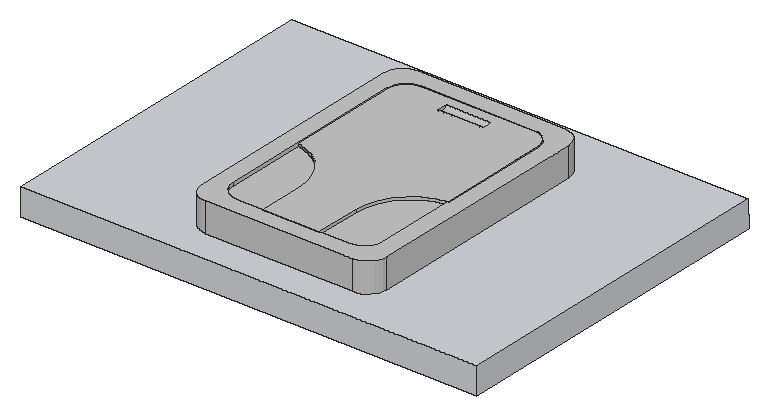
Revit family
Parameters (values of type "as Specified")
  rotationoffset [instance] = if(Closed, 0' 3 7/8", 0' 1 25/32")  # 0' - 3 7/8"
  Warranty Duration (Years) = 0
  Unit Width = 0' - 7 1/8"
  Unit Height = 0' - 7 31/32"
  Unit Depth = 0' - 2 5/8"
  URL = "http://www.americanspecialties.com/viewCategories.cfm"
  Open [instance] = not(Closed)  # no
  Mounting Height [instance] = 2' - 6 1/4"
  Fixture Material [instance] = Plastic - Light Grey
  Test Data = ""
  Specification = "http://www.arcat.com/sdspecs/htm/10810asi.htm"
  SpecWizard = ""
  Send Message = "http://www.arcat.com/users.pl?action=UserEmail&company=American%20Specialties,%20Inc.&coid=30448&rep=139&fax=914-476-0688&mf="
  Sales Information = "http://www.americanspecialties.com/contact"
  Revision = "R1_2014-10"
  Product Properties = "http://www.americanspecialties.com/datasheets/9015.pdf"
  Product Data = "http://www.arcat.com/arcatcos/cos30/arc30448.html"
  Model = "9015"
  Manufacturer Website = "http://www.americanspecialties.com/viewCategories.cfm"
  Manufacturer Phone - Toll Free = ""
  Manufacturer Phone = "914-476-9000 "
  Manufacturer Fax = "914-476-0688"
  Manufacturer Address = "441 Saw Mill River Rd., Yonkers, NY 10701"
  Manufacturer = "American Specialties, Inc."
  Maintenance Schedule (Months) = 0
  Keynote = "10 28 13"
  Installation-Fabrication = "http://www.americanspecialties.com/products.cfm"
  Green Building-LEED = ""
  Expected Lifespan (Years) = 0
  Drawn By = "Sumex Design, Inc. / Robert S. Weygant. CSI, CDT, SCIP"
  Door Angle [instance] = if(Closed, 0.00°, 89.00°)  # 0.00°
  Description = "ASI Vertical Baby Changing Station - Surface Mounted 9015"
  Default Elevation = 0' - 0"
  Copyright = "©Arcat Inc."
  Construction Details = "http://www.arcat.com/green/clients/leed_data_30448.html"
  Closed [instance] = yes
  Capacity = "300 lbs  ;  X Wipes/Liners/Towels"
  Building Codes = "http://www.americanspecialties.com/products.cfm"
  Assembly Code = "C1030210"
  Accent Finish [instance] = Plastic - Black
Reference planes (in)
  plane 1 "Top": y = 2.59221
  plane 2 "Floor Line": z = 0
  plane 3 "Center (Left/Right)": x = 6.02907
  plane 4: x = -6.22093
  plane 5: x = 18.27907
  plane 6 "FF": y = -56.93904
  plane 7: y = -32.56404
  plane 8: z = 3.875
  plane 9: z = 22
  plane 10 "ADA CL": y = -26.68904
  plane 11: y = -30.31404
  plane 12: z = 3.875
Forms (in)
  Extrusion 1, solid
    sketch origin (-2.65843, -11.79112, -6) x (0, 0, -1) y (1, 0, 0)
      loop
        line (-2.42514, 38.27922) -> (-6, 38.27922) -> (-6, -22.3125) -> (-2.42514, -22.3125) -> (-2.42514, 38.27922)
    from 25.02292 to -20.08171
  Extrusion 2, solid, material "Plastic - Light Grey" <- "Fixture Material"
    sketch origin (0, 0, 0) x (1, 0, 0) y (0, 1, 0)
      loop
        arc (-3.72093, 2.59221) -> (-5.4887, 1.85998) -> (-6.22093, 0.09221) r 2.5
        line (-6.22093, 0.09221) -> (-6.22093, -30.06404)
        arc (-6.22093, -30.06404) -> (-5.4887, -31.8318) -> (-3.72093, -32.56404) r 2.5
        line (-3.72093, -32.56404) -> (15.77907, -32.56404)
        arc (15.77907, -32.56404) -> (17.54683, -31.8318) -> (18.27907, -30.06404) r 2.5
        line (18.27907, -30.06404) -> (18.27907, 0.09221)
        arc (18.27907, 0.09221) -> (17.54683, 1.85998) -> (15.77907, 2.59221) r 2.5
        line (15.77907, 2.59221) -> (-3.72093, 2.59221)
      loop
        arc (-3.97093, -27.81404) -> (-3.2387, -29.5818) -> (-1.47093, -30.31404) r 2.5
        line (-1.47093, -30.31404) -> (13.52907, -30.31404)
        arc (13.52907, -30.31404) -> (15.29683, -29.5818) -> (16.02907, -27.81404) r 2.5
        line (16.02907, -27.81404) -> (16.02907, -2.15779)
        arc (16.02907, -2.15779) -> (15.29683, -0.39002) -> (13.52907, 0.34221) r 2.5
        line (13.52907, 0.34221) -> (-1.47093, 0.34221)
        arc (-1.47093, 0.34221) -> (-3.2387, -0.39002) -> (-3.97093, -2.15779) r 2.5
        line (-3.97093, -2.15779) -> (-3.97093, -27.81404)
    from 0 to 3.875
  Extrusion 3, solid, material "Plastic - Light Grey" <- "Fixture Material"
    sketch origin (8.27907, -30.31404, 3.875) x (-1, 0, 0) y (0, -1, 0)
      loop
        arc (12.25, -2.5) -> (11.51777, -0.73223) -> (9.75, 0) r 2.5
        line (9.75, 0) -> (-5.25, 0)
        arc (-5.25, 0) -> (-7.01777, -0.73223) -> (-7.75, -2.5) r 2.5
        line (-7.75, -2.5) -> (-7.75, -28.15625)
        arc (-7.75, -28.15625) -> (-7.01777, -29.92402) -> (-5.25, -30.65625) r 2.5
        line (-5.25, -30.65625) -> (9.75, -30.65625)
        arc (9.75, -30.65625) -> (11.51777, -29.92402) -> (12.25, -28.15625) r 2.5
        line (12.25, -28.15625) -> (12.25, -2.5)
    from 0 to -3.25
  Blend 4, void
    base sketch origin (8.27907, -30.31404, 0.625) x (-1, 0, 0) y (0, -1, 0)
      loop
        line (11.25, -26.15625) -> (11.25, -3) -> (-6.75, -3) -> (-6.75, -26.15625)
        arc (-6.75, -26.15625) -> (-6.01777, -27.92402) -> (-4.25, -28.65625) r 2.5
        line (-4.25, -28.65625) -> (8.75, -28.65625)
        arc (8.75, -28.65625) -> (10.51777, -27.92402) -> (11.25, -26.15625) r 2.5
    top sketch origin (8.27907, -30.31404, 0.625) x (-1, 0, 0) y (0, -1, 0)
      loop
        line (8.25, -25.65625) -> (8.25, -4) -> (-3.75, -4) -> (-3.75, -25.65625) -> (8.25, -25.65625)
    from 0 to 1.5
  Extrusion 5, solid, material "Plastic - Light Grey" <- "Fixture Material"
    sketch origin (6.02907, 0, 0) x (0, 1, 0) y (0, 0, 1)
      loop
        arc (-26.27186, 0.54448) -> (-26.66735, 2.01741) -> (-28.05614, 1.38718) r 1
        line (-28.05614, 1.38718) -> (-30.58851, 1.38718) -> (-30.58851, 0) -> (0.81774, 0) -> (0.81774, 0.54448) -> (-26.27186, 0.54448)
    from -11.32813 to 11.32812
  Extrusion 6, void
    sketch origin (6.02907, -30.31404, 3.875) x (0, -1, 0) y (1, 0, 0)
      loop
        line (0, 10) -> (-13.43303, 10)
        arc (-13.43303, 10) -> (-10.9371, 5.35421) -> (-6, 3.5) r 7.5
        line (-6, 3.5) -> (0, 3.5) -> (0, 10)
    from 0 to -0.375
  Extrusion 7, void
    sketch origin (6.02907, -30.31404, 3.875) x (0, -1, 0) y (1, 0, 0)
      loop
        line (0, -10) -> (0, -4) -> (-6, -4)
        arc (-6, -4) -> (-10.74342, -5.69052) -> (-13.34847, -10) r 7.5
        line (-13.34847, -10) -> (0, -10)
    from 0 to -0.375
  Extrusion 8, solid, material "Plastic - Light Grey" <- "Fixture Material"
    sketch origin (6.02907, 0, 0) x (0, 1, 0) y (0, 0, 1)
      loop
        line (-30.58851, 0) -> (-17.33851, 0) -> (-17.33851, 2.125) -> (-20.90101, 2.125) -> (-21.24476, 1.78125) -> (-21.58851, 2.125) -> (-30.58851, 2.125) -> (-30.58851, 0)
    from -5 to 5
  Extrusion 9, void
    sketch origin (6.02907, -31.50154, 3.875) x (0, -1, 0) y (0, 0, 1)
      loop
        arc (-30.4375, 0) -> (-29.75, -0.32544) -> (-29.0625, 0) r 0.88891
        line (-29.0625, 0) -> (-30.4375, 0)
    from -3 to 3
Cuts and joins
  Blend 4, Extrusion 6, Extrusion 7, Extrusion 9 cuts Extrusion 3
  Extrusion 6 cuts Extrusion 5
  Extrusion 9 cuts Extrusion 2
Lines and regions (in)
  reference lines
    curve 1: line (6.02907, -30.31404, 3.875) -> (6.02907, -23.06404, 3.875)
    curve 2: line (8.27907, -30.31404, 3.875) -> (3.27907, -30.31404, 3.875)
Dimensions and locks (in)
  equal spacing: plane 4, plane 3 "Center (Left/Right)", plane 5
  plane 4 to plane 5 = 2' - 0 1/2"
  locked: plane 8 to level at 3.875
  locked: plane 1 "Top" to plane 7 at 35.15625
  "Mounting Height": plane 10 "ADA CL" to plane 6 "FF"
  locked: plane 10 "ADA CL" to plane 7 at 5.875
  locked: Extrusion 2 sketch curve to plane 7 at 2.25
  Extrusion 2 sketch curve to plane 1 "Top" = 0' - 2 1/4"
  locked: plane 9 to plane 8 at 18.125
  locked: plane 7 to plane 11 at 2.25
  "rotationoffset": plane 12 to level
  Extrusion 5 sketch curve to Extrusion 5 sketch curve to Extrusion 5 sketch curve to level = 0' - 0.27399" locked, 0' - 0.5687" locked, 0' - 0.54448" locked
  locked: plane 7 to Extrusion 5 sketch curve at 5.46963
  locked: plane 4 to Extrusion 2 sketch curve at 2.25
  locked: Extrusion 2 sketch curve to plane 5 at 2.25
  locked: Extrusion 8 sketch curve to level at 2.125
  "Door Angle": angle plane 8 to curve 1
  aligned and locked: Extrusion 2 sketch curve to plane 1 "Top"
  aligned and locked: plane 4 to Extrusion 2 sketch curve
  aligned and locked: Extrusion 2 sketch curve to plane 7
  aligned and locked: Extrusion 2 sketch curve to plane 5
  aligned and locked: Extrusion 2 to plane 8
  aligned: plane 12 to curve 2
  aligned and locked: plane 12 to curve 2
  aligned and locked: plane 11 to curve 2
  aligned and locked: plane 12 to curve 1
Automatic sketch dimensions
  Extrusion 1 sketch curve to Extrusion 1 sketch curve = 0' - 3.57486"
  Extrusion 1 sketch curve to Extrusion 1 sketch curve = 5' - 0.59172"
  curve 1 to plane 11 = 0' - 0"
  Extrusion 2 sketch curve to plane 10 "ADA CL" = 0' - 3 3/8"
  plane 4 to Extrusion 2 sketch curve = 0' - 2 1/2"
  Extrusion 2 sketch curve to Extrusion 2 sketch curve = 0' - 2 1/4"  (x3)
  Extrusion 2 sketch curve to plane 5 = 0' - 4 3/4"
  Extrusion 2 sketch curve to plane 5 = 0' - 2 1/2"
  Extrusion 2 sketch curve to plane 10 "ADA CL" = 0' - 1 1/8"
  curve 2 to plane 3 "Center (Left/Right)" = 0' - 2 3/4"
  plane 3 "Center (Left/Right)" to curve 2 = 0' - 2 1/4"
  Extrusion 3 to Blend 4 sketch curve = 0' - 1"  (x2)
  Blend 4 sketch curve to Blend 4 sketch curve = 0' - 2 1/2"
  Extrusion 3 to Blend 4 sketch curve = 0' - 2"
  Extrusion 3 to Blend 4 sketch curve = 0' - 3 1/2"
  Extrusion 3 to Blend 4 sketch curve = 0' - 3"
  Extrusion 3 to Blend 4 sketch curve = 0' - 4"  (x3)
  Extrusion 3 to Blend 4 sketch curve = 0' - 5"
  Extrusion 5 sketch curve to level = 0' - 0"
  plane 11 to Extrusion 5 sketch curve = 0' - 0.27447"
  Extrusion 5 sketch curve to Extrusion 5 sketch curve = 0' - 0.96173"
  plane 1 "Top" to Extrusion 5 sketch curve = 0' - 1.77447"
  curve 1 to Extrusion 6 sketch curve = 0' - 0"
  curve 1 to Extrusion 6 sketch curve = 0' - 3 1/2"
  curve 1 to Extrusion 6 sketch curve = 0' - 10"
  curve 1 to Extrusion 6 sketch curve = 0' - 1 1/4"
  Extrusion 7 sketch curve to curve 1 = 0' - 0"
  Extrusion 7 sketch curve to curve 1 = 0' - 10"
  Extrusion 7 sketch curve to curve 1 = 0' - 4"
  curve 1 to Extrusion 7 sketch curve = 0' - 1 1/4"
  Extrusion 8 sketch curve to level = 0' - 0"
  plane 11 to Extrusion 8 sketch curve = 0' - 0.27447"
  Extrusion 8 sketch curve to plane 8 = 0' - 1 3/4"
  plane 10 "ADA CL" to Extrusion 8 sketch curve = 0' - 5.10053"
  Extrusion 8 sketch curve to Extrusion 8 sketch curve = 0' - 0 11/32"  (x2)
  Extrusion 8 sketch curve to Extrusion 8 sketch curve = 0' - 3 9/16"
  curve 2 to Extrusion 3 sketch curve = 0' - 0"
  Extrusion 3 sketch curve to curve 2 = 0' - 7 3/4"
  Extrusion 3 sketch curve to Extrusion 3 sketch curve = 0' - 2 1/2"  (x3)
  curve 2 to Extrusion 3 sketch curve = 0' - 4 3/4"  (x2)
  Extrusion 3 sketch curve to curve 2 = 2' - 4 5/32"
  Extrusion 9 sketch curve to curve 1 = 0' - 0"
  Extrusion 9 sketch curve to Extrusion 9 sketch curve = 0' - 0 11/16"
  curve 1 to Extrusion 9 sketch curve = 0' - 0.56347"
  Extrusion 9 sketch curve to curve 1 = 1' - 8 5/8"
